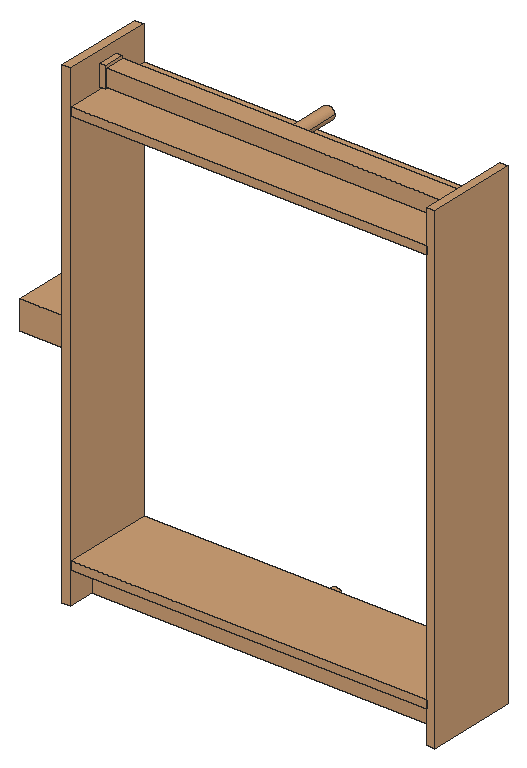
Revit family
Parameters
  Center Of Unit = 0' - 0"  # constant formula
  Water Pressure Drop [instance] = 0.00 psi
  Water Flow [instance] = 0 GPM
  Unit Weight (lbs) = 1121
  URL = "http://www.ljwing.com/"
  Water Outlet Radius = 0' - 1 1/2"
  Water Outlet Odd sizes = 0' - 0"
  Total Heating Capacity [instance] = 0.0 Btu/h
  Temperature Rise [instance] = 0 °F
  Series = "VIFB"
  Outlet Area = 57.20 SF
  Number of Rows = 1  # constant formula
  Number of Coils [instance] = 0
  Nominal Length = 7' - 5 3/4"
  Model = "VF-8"
  Manufacturer = "LJ Wing"
  Leaving Water Temperature [instance] = 0 °F
  Leaving Air Temperature [instance] = 0 °F
  Face Velocity (FPM) [instance] = 0
  Entering Water Temperature [instance] = 0 °F
  Entering Air Temperature [instance] = 0 °F
  Description = "Vertical Integral Face & Bypass Water Heating Coils"
  Hot Water Odd Sizes = 0' - 0"
  Hot Water Inlet Offset = 0' - 4 3/8"  # constant formula
  Hot Water Inlet  Radius = 0' - 1 1/2"
  Coil Face Area = Outlet Area * 0.56  # 32.032 SF
  Casing Material = ""
  Assembly Code = "D3020300"
  Air Pressure Drop [instance] = 0.00 in-wg
  Air Inlet Width = Nominal Length - 0' 4"  # 7' - 1 3/4"
  Air Inlet Height = Y  # 8' - 0"
  Air Flow [instance] = 0 CFM
  Z = 0' - 2 1/8"
  Y = 8' - 0"
  S = 0' - 9 3/4"
  Product URL = "http://www.ljwing.com/html/vifb.asp"
  OmniClass = "23-75 70 21 14"
  Nominal Height = 9' - 8"
  Nominal Depth = 1' - 10"
  R = 0' - 10 1/4"
  Q = 0' - 2 7/8"
  P = 0' - 5 1/8"
  L = 0' - 5 15/16"
Reference planes (in)
  plane 1 "Center (Front/Back)": y = 0
  plane 2: z = -48
  plane 3 "Center (Left/Right)": x = 0
  plane 4: z = 58.25
  plane 5: x = -44.875
  plane 6: x = 44.875
  plane 7: z = -57.75
  plane 8: z = 0
  plane 9: y = -11
  plane 10: y = 11
  plane 11: z = 48
  plane 12: z = 50
  plane 13: z = -50
  plane 14: x = 42.875
  plane 15: x = -42.875
  plane 16: z = 53.125
  plane 17: z = -51.8125
  plane 18: x = -42
  plane 19: x = 42
  plane 20: y = 13.125
  plane 21: y = 15.375
  plane 22: x = -55.875
  plane 23: x = 0
  plane 24: x = 0
  plane 25: z = 55.125
  plane 26: z = 51.125
  plane 27: y = -2.5
  plane 28: y = 2.5
  plane 29: y = -4.5
Forms (in)
  Extrusion 1, solid, material "Painted Finish"
    sketch origin (0, 6, -9.75) x (1, 0, 0) y (0, 0, 1)
      loop
        line (-44.875, -48) -> (-42.875, -48) -> (-42.875, 68) -> (-44.875, 68) -> (-44.875, -48)
      loop
        line (44.875, -48) -> (44.875, 68) -> (42.875, 68) -> (42.875, -48) -> (44.875, -48)
    from -5 to 17
  Extrusion 2, solid, material "Painted Finish"
    sketch origin (0, 6, 0) x (1, 0, 0) y (0, 0, 1)
      loop
        line (42.875, -48) -> (-42.875, -48) -> (-42.875, -50) -> (42.875, -50) -> (42.875, -48)
      loop
        line (42.875, 48) -> (42.875, 50) -> (-42.875, 50) -> (-42.875, 48) -> (42.875, 48)
    from -5 to 17
  Extrusion 3, solid, material "Painted Finish"
    sketch origin (0, 10, -0.5) x (1, 0, 0) y (0, 0, 1)
      loop
        line (-44.875, 4) -> (-55.875, 4) -> (-55.875, -3) -> (-44.875, -3) -> (-44.875, 4)
    from 0 to 20
  Extrusion 4, solid, material "Painted Finish"
    sketch origin (0, 6, 0) x (1, 0, 0) y (0, 0, 1)
      loop
        line (-41.25, 55.125) -> (-41.25, 51.125) -> (41.25, 51.125) -> (41.25, 55.125) -> (-41.25, 55.125)
    from 3.5 to 8.5
  Extrusion 5, solid, material "Painted Finish"
    sketch origin (0, 0, 0) x (1, 0, 0) y (0, 0, 1)
      loop
        line (-41.25, 50.625) -> (-41.25, 55.625) -> (-42.875, 55.625) -> (-42.875, 50.625) -> (-41.25, 50.625)
      loop
        line (42.875, 50.625) -> (42.875, 55.625) -> (41.25, 55.625) -> (41.25, 50.625) -> (42.875, 50.625)
    from -2.5 to 2.5
  Extrusion 6, solid, material "Painted Finish"
    sketch origin (0, 23, 0) x (1, 0, 0) y (0, 0, 1)
      loop
        circle (0, 53.125) r 1.5
    from 9.875 to 20.5
  Extrusion 7, solid, material "Painted Finish"
    sketch origin (0, 6, 0) x (1, 0, 0) y (0, 0, 1)
      loop
        line (-42.875, -50) -> (-42.875, -57.75) -> (42.875, -57.75) -> (42.875, -50) -> (-42.875, -50)
    from -5 to 10.5
  Extrusion 8, solid, material "Painted Finish"
    sketch origin (0, 23, 0) x (1, 0, 0) y (0, 0, 1)
      loop
        circle (0, -51.8125) r 1.5
    from 7.625 to 12
  Extrusion 9, void
    sketch origin (0, 0, 0) x (1, 0, 0) y (0, 0, 1)
      loop
        line (-42.875, 48) -> (-42.875, -48) -> (42.875, -48) -> (42.875, 48) -> (-42.875, 48)
    from -11 to 11
Cuts and joins
  Extrusion 9 cuts Extrusion 1
  Extrusion 9 cuts Extrusion 2
Dimensions and locks (in)
  "Nominal Length": plane 6 to plane 5
  equal spacing: plane 6, plane 3 "Center (Left/Right)", plane 5
  "S": plane 2 to plane 7
  "Nominal Depth": plane 10 to plane 9
  equal spacing: plane 10, plane 1 "Center (Front/Back)", plane 9
  "Y": plane 11 to plane 2
  "R": plane 4 to plane 11
  locked: plane 12 to plane 11 at 2
  locked: plane 2 to plane 13 at 2
  "P": plane 4 to plane 16
  "L": plane 17 to plane 7
  "Q": plane 18 to plane 5
  "Q": plane 6 to plane 19
  "Z": plane 20 to plane 10
  "Hot Water Inlet Offset": plane 21 to plane 10
  locked: plane 5 to plane 22 at 11
  locked: Extrusion 3 sketch curve to Extrusion 3 sketch curve at 7
  locked: Extrusion 3 to Extrusion 3 at 20
  locked: plane 6 to plane 14 at 2
  locked: plane 15 to plane 5 at 2
  "Water Outlet Odd sizes": plane 23 to plane 3 "Center (Left/Right)"
  "Hot Water Odd Sizes": plane 3 "Center (Left/Right)" to plane 24
  equal spacing: plane 25, plane 16, plane 26
  locked: Extrusion 5 sketch curve to plane 25 at 0.5
  locked: plane 26 to Extrusion 5 sketch curve at 0.5
  locked: Extrusion 6 sketch curve to plane 16 at 0
  locked: Extrusion 6 sketch curve to plane 23 at 0
  locked: Extrusion 8 sketch curve to plane 17 at 0
  locked: Extrusion 8 sketch curve to plane 24 at 0
  locked: plane 25 to plane 26 at 4
  locked: plane 28 to plane 27 at 5
  equal spacing: plane 28, plane 1 "Center (Front/Back)", plane 27
  locked: plane 27 to plane 29 at 2
  plane 4 to plane 7 = 9' - 8"
  locked: Extrusion 5 sketch curve to Extrusion 1 at 1.625
  locked: Extrusion 5 sketch curve to Extrusion 5 sketch curve at 1.625
  locked: Extrusion 9 sketch curve to plane 11 at 0
  locked: Extrusion 9 sketch curve to plane 15 at 0
  locked: Extrusion 9 sketch curve to plane 14 at 0
  locked: Extrusion 9 sketch curve to plane 2 at 0
  equal spacing: plane 11, plane 8, plane 2
  "Water Outlet Radius": radius of Extrusion 6 sketch curve
  "Hot Water Inlet  Radius": radius of Extrusion 8 sketch curve
  aligned and locked: Extrusion 1 to plane 9
  aligned and locked: Extrusion 1 to plane 10
  aligned and locked: Extrusion 1 to plane 15
  aligned and locked: Extrusion 1 to plane 14
  aligned and locked: Extrusion 2 to plane 9
  aligned and locked: plane 9 to Extrusion 1
  aligned and locked: plane 10 to Extrusion 1  (x2)
  aligned and locked: Extrusion 2 to plane 10
  aligned and locked: plane 10 to Extrusion 2  (x2)
  aligned and locked: plane 9 to Extrusion 2  (x2)
  aligned and locked: plane 5 to Extrusion 3
  aligned and locked: Extrusion 5 sketch curve to plane 15
  aligned and locked: Extrusion 5 sketch curve to Extrusion 4
  aligned and locked: Extrusion 6 to plane 20
  aligned and locked: Extrusion 1 to Extrusion 7
  aligned and locked: Extrusion 8 to plane 10
  aligned and locked: plane 21 to Extrusion 8
  aligned and locked: plane 27 to Extrusion 5
  aligned and locked: Extrusion 5 to Extrusion 4  (x2)
  aligned and locked: Extrusion 5 to plane 28
  aligned and locked: Extrusion 6 to Extrusion 4
  aligned and locked: Extrusion 7 to plane 29  (x2)
  aligned and locked: Extrusion 8 to Extrusion 7
  aligned and locked: Extrusion 4 to Extrusion 5  (x2)
  aligned and locked: Extrusion 5 to Extrusion 1  (x2)
  aligned and locked: plane 2 to Extrusion 2
  aligned and locked: Extrusion 1 sketch curve to plane 6
  aligned and locked: Extrusion 1 sketch curve to plane 14
  aligned and locked: Extrusion 1 sketch curve to plane 15
  aligned and locked: Extrusion 1 sketch curve to plane 5
  aligned and locked: plane 7 to Extrusion 1 sketch curve  (x2)
  aligned and locked: Extrusion 1 sketch curve to plane 4  (x2)
  aligned and locked: Extrusion 2 sketch curve to plane 11
  aligned and locked: Extrusion 2 sketch curve to plane 12
  aligned and locked: Extrusion 2 sketch curve to plane 14
  aligned and locked: Extrusion 2 sketch curve to plane 15
  aligned and locked: Extrusion 2 sketch curve to plane 13
  aligned and locked: plane 2 to Extrusion 2 sketch curve
  aligned and locked: plane 14 to Extrusion 2 sketch curve
  aligned and locked: plane 15 to Extrusion 2 sketch curve
  aligned and locked: plane 13 to Extrusion 7 sketch curve
  aligned and locked: Extrusion 7 sketch curve to plane 7
  aligned and locked: plane 14 to Extrusion 7 sketch curve
  aligned and locked: Extrusion 7 sketch curve to plane 15
  aligned and locked: cut or joined group of Extrusion 1, Extrusion 9 to plane 10
  aligned and locked: Extrusion 8 to plane 21
Automatic sketch dimensions
  Extrusion 3 sketch curve to plane 22 = 0' - 0"
  Extrusion 3 sketch curve to plane 5 = 0' - 0"
  plane 8 to Extrusion 3 sketch curve = 0' - 3 1/2"
  Extrusion 4 sketch curve to plane 25 = 0' - 0"
  Extrusion 4 sketch curve to plane 26 = 0' - 0"
  plane 18 to Extrusion 4 sketch curve = 0' - 0 3/4"
  Extrusion 4 sketch curve to plane 19 = 0' - 0 3/4"
  plane 26 to Extrusion 5 sketch curve = 0' - 0 1/2"
  Extrusion 5 sketch curve to plane 25 = 0' - 0 1/2"
Connectors (in)
  hvac at (0, -11, 0), driven by "Air Inlet Height", driven by "Air Inlet Width", driven by "Air Flow", driven by "Air Pressure Drop"
    settings: on Extrusion 9, index 1
  hvac at (0, 11, 0), driven by "Air Pressure Drop", driven by "Air Inlet Height", driven by "Air Inlet Width", driven by "Air Flow"
    settings: on Extrusion 9, index 2
  piping at (0, 13.125, 53.125), driven by "Water Flow", driven by "Water Outlet Radius", driven by "Water Pressure Drop"
    settings: on Extrusion 6, index 3
  piping at (0, 15.375, -51.8125), driven by "Water Flow", driven by "Water Pressure Drop", driven by "Hot Water Inlet  Radius"
    settings: on Extrusion 8, index 4
